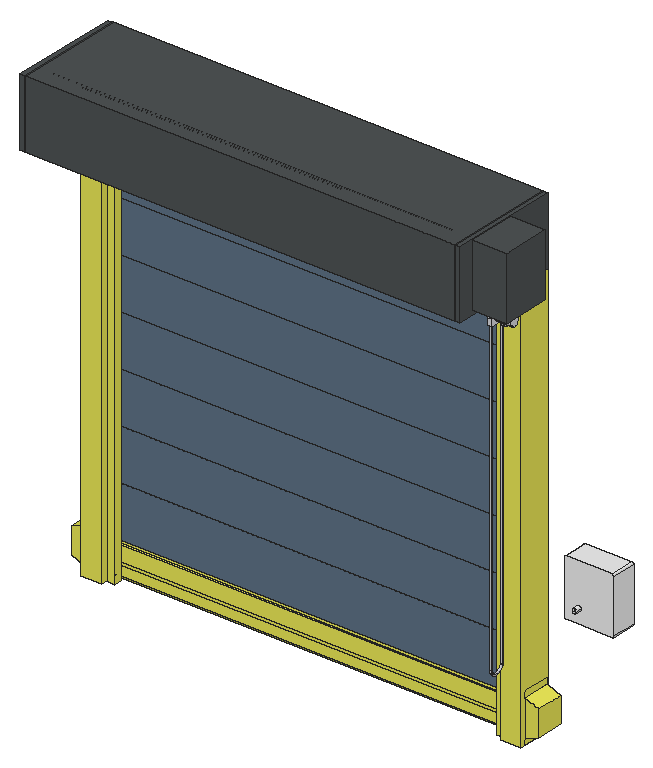
Revit family "Doors_Industrial_Wayne-Dalton_Interior-Freezer_Cooler-Doors-Model-887-ADV-Xtreme", category Specialty Equipment, host Wall, Revit 2026
Family settings
  Host = Wall
  Round Connector Dimension = Use Diameter
  Part Type = Normal
  Classification Number = 23.30.10.21.34
  Enable Cutting in Views = No
  Always vertical = Yes
  Cut with Voids When Loaded = No
  Maintain Annotation Orientation = No
  Shared = No
  Room Calculation Point = No
Parameters (values of type "230 volts, three phase, 60 Hz (208-245V range)")
  Voltage Option = if(Voltage = 230 V, 1, if(Voltage = 460 V, 2, 3))  # 1
  True Width [instance] = [Door Width (Real)]  # 10' - 0"
  True Height [instance] = [Door Height (Real)]  # 10' - 0"
  Slat Height = 1' - 4"  # constant formula
  Product Page URL = "https://www.wayne-dalton.com/high-speed-interior-fabric-door-887"
  Powder Coat (Note) = "Standard color for guides and bottom bar is yellow. Approximately 200 optional RAL powder coat colors are also available."  # constant formula
  Panel Material [instance] = Insulated Vinyl - Wayne Dalton - Blue
  Panel Length [instance] = [Door Width (Real)] + 0' 5"  # 10' - 5"
  Motor Cover [instance] = yes
  Hood Material = Metal - Wayne Dalton - Black
  Headroom Height [instance] = if(and([Door Height (Real)] > 8' 0", Air Curtain Option < 3), 3' 6", 3' 0")  # 3' - 6"
  External Transformer [instance] = if(Air Curtain Option = 2, 1 = 1, 1 = 2)  # no
  Door Width (Real) [instance] = if(Door Width > Max Door Width, Max Door Width, if(Door Width < Min Door Width, Min Door Width, Door Width))  # 10' - 0"
  Door Height (Real) [instance] = if(Door Height > Max Door Height, Max Door Height, if(Door Height < Min Door Height, Min Door Height, Door Height))  # 10' - 0"
  Rough Width [instance] = [Door Width (Real)]  # 10' - 0"
  Rough Height [instance] = [Door Height (Real)] - 0' 10 1/2"  # 9' - 1 1/2"
  Opening Width [instance] = Rough Width  # 10' - 0"
  Opening Height [instance] = Rough Height  # 9' - 1 1/2"
  Voltage = 230 V
  URL = "https://www.wayne-dalton.com/"
  Product data url = "https://www.bimobject.com/wayne-dalton/product/interior-freezer-cooler-doors-model-887-ADV-Xtreme"
  Product Guid = "093fc43b-de7a-4cc4-b14f-1d33e952d7d3"
  Power Factor = 1
  Number of Poles = 3
  Model = "887"  # constant formula
  Min Door Width [instance] = 4' - 0"  # constant formula
  Min Door Height [instance] = 4' - 0"  # constant formula
  Max Door Width [instance] = 12' - 0"  # constant formula
  Max Door Height [instance] = 18' - 0"  # constant formula
  Manufacturer = "Wayne Dalton"  # constant formula
  Frequency = 60 Hz  # constant formula
  Wall Closure = By host
  Floor To (CL) of Shaft [instance] = [Door Height (Real)] + Headroom Height - 0' 5 59/128"  # 13' - 0 69/128"
  Default Elevation = 0' - 0"
  Apparent Load Phase 3 [instance] = if(Number of Poles = 1, 0 VA, (Voltage * Current * sqrt(3)) / 3)  # 10623.2 VA
  Apparent Load Phase 2 [instance] = if(Number of Poles = 1, 0 VA, (Voltage * Current * sqrt(3)) / 3)  # 10623.2 VA
  Apparent Load Phase 1 [instance] = if(Number of Poles = 1, Voltage * Current, (Voltage * Current * sqrt(3)) / 3)  # 10623.2 VA
  Air Curtain Option [instance] = 1
  Additional Current W/O Air Curtain = if(Voltage = 460 V, 15 A, 20 A)  # 20 A
  Connector Description = "Rapidflex Large Control Panel"  # constant formula
  Finish Material = Finish - Wayne Dalton - Yellow
  Door Width [instance] = 10' - 0"
  Door Height [instance] = 10' - 0"
  Description = "Designed for thermal control and ideal for cold and food and beverage storage, Model 887 ADV-Xtreme features an insulated curtain with actively heated guides that ensures a uniform temperature and smooth door movement.‬‬ The innovative springless design requires minimal interruption for maintenance and the curtain comes pre-wrapped, ready for installation. Pre-wired motor, guide heater and air curtain connection and plug and play accessories help reduce the need for a licensed electrician."  # constant formula
  Current [instance] = if(and(Voltage Option = 1, Air Curtain Option < 3), [Additional Current W/O Air Curtain] + 60 A, if(and(Voltage Option = 2, or(Air Curtain Option = 1, Air Curtain Option < 1)), [Additional Current W/O Air Curtain] + 30 A, if(and(Voltage Option = 2, Air Curtain Option = 2), [Additional Current W/O Air Curtain] + 60 A, if(and(Voltage Option = 3, or(Air Curtain Option = 1, Air Curtain Option < 1)), [Additional Current W/O Air Curtain] + 15 A, if(and(Voltage Option = 3, Air Curtain Option = 2), [Additional Current W/O Air Curtain] + 60 A, [Additional Current W/O Air Curtain])))))  # 80 A
  Backroom Depth [instance] = 2' - 10 1/2"  # constant formula
  Array [instance] = roundup((Rough Height + Headroom Height - 1' 9 41/128" - 0' 11 1/2") / Slat Height)  # 8
  Air Curtain Type [instance] = if(or(Air Curtain Option < 1, Air Curtain Option = 1), "Ambient Air Curtain", if(Air Curtain Option = 2, "Heated Air Curtain", "No Air Curtain"))  # "Ambient Air Curtain"
Types (3): name | Voltage Option | Voltage | Apparent Load Phase 3 | Apparent Load Phase 2 | Apparent Load Phase 1 | Additional Current W/O Air Curtain | Current
  230 volts, three phase, 60 Hz (208-245V range) | 1 | 230 V | 10623.2 VA | 10623.2 VA | 10623.2 VA | 20 A | 80 A
  460 volts, three phase, 60 Hz (456-495V range) | 2 | 460 V | 11951.2 VA | 11951.2 VA | 11951.2 VA | 15 A | 45 A
  575 volts, three phase, 60 Hz | 3 | 575 V | 11619.2 VA | 11619.2 VA | 11619.2 VA | 20 A | 35 A
Reference planes (in)
  plane 1 "Center (Front/Back)": y = 0
  plane 2 "Center (Left/Right)": x = 0
  plane 3 "Left": x = -60
  plane 4 "Right": x = 60
  plane 5 "Top": z = 120
  plane 6 "Exterior": y = 1.5
  plane 7 "Interior": y = -4.5
  plane 8: x = 60
  plane 9: x = -60
  plane 10: z = 109.5
  plane 11: z = 151.5
  plane 12 "Main": y = -9.75
  plane 13: y = -39
  plane 14 "Main Door Block": y = -4.5
  plane 15: z = 47.47
  plane 16: z = 11.5
  plane 17: z = 11.5
  plane 18: x = 62.5
  plane 19: x = -62.5
  plane 20: z = 27.5
  plane 21: z = 27.5
  plane 22: z = 43.5
  plane 23: y = -8.75
  plane 24: y = -10.815
  plane 25: z = 43.5
  plane 26: z = 59.5
  plane 27: z = 75.5
  plane 28: z = 91.5
  plane 29: z = 107.5
  plane 30: z = 123.5
Forms (in)
  Extrusion 1, solid, material "Insulated Vinyl - Wayne Dalton - Blue" <- "Panel Material"
    sketch origin (-62.5, -12, 0) x (0, 0, 1) y (0, -1, 0)
      loop
        line (27.5, -3.25) -> (27.5, -1.185) -> (11.5, -1.185) -> (11.5, -3.25) -> (27.5, -3.25)
    from 0 to 125 <- "Panel Length"
  Extrusion 2, solid, material "Insulated Vinyl - Wayne Dalton - Blue" <- "Panel Material"
    sketch origin (-62.5, -12, 16) x (0, 0, 1) y (0, -1, 0)
      loop
        line (27.5, -3.25) -> (27.5, -1.185) -> (11.5, -1.185) -> (11.5, -3.25) -> (27.5, -3.25)
    from 0 to 125 <- "Panel Length"
  Extrusion 3, solid, material "Insulated Vinyl - Wayne Dalton - Blue" <- "Panel Material"
    sketch origin (-62.5, -12, 32) x (0, 0, 1) y (0, -1, 0)
      loop
        line (27.5, -3.25) -> (27.5, -1.185) -> (11.5, -1.185) -> (11.5, -3.25) -> (27.5, -3.25)
    from 0 to 125 <- "Panel Length"
  Extrusion 4, solid, material "Insulated Vinyl - Wayne Dalton - Blue" <- "Panel Material"
    sketch origin (-62.5, -12, 48) x (0, 0, 1) y (0, -1, 0)
      loop
        line (27.5, -3.25) -> (27.5, -1.185) -> (11.5, -1.185) -> (11.5, -3.25) -> (27.5, -3.25)
    from 0 to 125 <- "Panel Length"
  Extrusion 5, solid, material "Insulated Vinyl - Wayne Dalton - Blue" <- "Panel Material"
    sketch origin (-62.5, -12, 64) x (0, 0, 1) y (0, -1, 0)
      loop
        line (27.5, -3.25) -> (27.5, -1.185) -> (11.5, -1.185) -> (11.5, -3.25) -> (27.5, -3.25)
    from 0 to 125 <- "Panel Length"
  Extrusion 6, solid, material "Insulated Vinyl - Wayne Dalton - Blue" <- "Panel Material"
    sketch origin (-62.5, -12, 80) x (0, 0, 1) y (0, -1, 0)
      loop
        line (27.5, -3.25) -> (27.5, -1.185) -> (11.5, -1.185) -> (11.5, -3.25) -> (27.5, -3.25)
    from 0 to 125 <- "Panel Length"
  Extrusion 7, solid, material "Insulated Vinyl - Wayne Dalton - Blue" <- "Panel Material"
    sketch origin (-62.5, -12, 96) x (0, 0, 1) y (0, -1, 0)
      loop
        line (27.5, -3.25) -> (27.5, -1.185) -> (11.5, -1.185) -> (11.5, -3.25) -> (27.5, -3.25)
    from 0 to 125 <- "Panel Length"
  Extrusion 8, solid, material "Insulated Vinyl - Wayne Dalton - Blue" <- "Panel Material"
    sketch origin (-62.5, -12, 112) x (0, 0, 1) y (0, -1, 0)
      loop
        line (27.5, -3.25) -> (27.5, -1.185) -> (11.5, -1.185) -> (11.5, -3.25) -> (27.5, -3.25)
    from 0 to 125 <- "Panel Length"
Lines and regions (in)
  Opening 1
    outline origin (-90, -4.5, 0) x (1, 0, 0) y (0, 0, 1)
      loop
        line (30, 0) -> (150, 0) -> (150, 109.5) -> (30, 109.5) -> (30, 0)
Text (in)
  text "Exterior" at (-74.96733, 27.31104, 0), in view "Ref. Level"
  text "Interior" at (-74.96733, -25.14366, 0), in view "Ref. Level"
  text "Exterior" at (0, 40.15149, 123.01588), in view "Right"
  text "Interior" at (0, -64.39139, 123.01588), in view "Right"
  text "Interior" at (0, -31.01599, 123.00693), in view "Left"
  text "Exterior" at (0, 54.57065, 123.00693), in view "Left"
Dimensions and locks (in)
  equal spacing: plane 3 "Left", plane 2 "Center (Left/Right)", plane 4 "Right"
  "Door Height (Real)": level to plane 5 "Top"
  "Door Width (Real)": plane 3 "Left" to plane 4 "Right"
  host wall to plane 5 "Top" = 10' - 0"
  level to host wall = 38' - 3.59655"
  "Rough Height": level to plane 10
  equal spacing: plane 9, plane 2 "Center (Left/Right)", plane 8
  "Rough Width": plane 8 to plane 9
  "Headroom Height": plane 10 to plane 11
  "Backroom Depth": plane 7 "Interior" to plane 13
  plane 10 to level = 9' - 1 1/2"
  locked: plane 14 "Main Door Block" to plane 12 "Main" at 5.25
  plane 1 "Center (Front/Back)" to plane 7 "Interior" = 0' - 4 1/2"
  locked: Extrusion 1 sketch curve to Extrusion 1 sketch curve at 2.065
  locked: Extrusion 1 sketch curve to plane 17 at 16
  locked: plane 9 to plane 19 at 2.5
  locked: plane 18 to plane 8 at 2.5
  locked: Extrusion 2 sketch curve to Extrusion 2 sketch curve at 2.065
  locked: Extrusion 2 sketch curve to plane 20 at 16
  equal spacing: group 1, group 2, group 3, group 4, group 5, group 6, group 7, group 8  (x3)
  locked: plane 16 to nested 1 at 11.5
  "Slat Height": plane 21 to plane 16
  "Slat Height": plane 22 to plane 21
  locked: plane 16 to level at 11.5
  locked: plane 23 to plane 12 "Main" at 1
  locked: plane 23 to plane 24 at 2.065
  locked: plane 6 "Exterior" to plane 1 "Center (Front/Back)" at 1.5
  locked: Extrusion 3 sketch curve to Extrusion 3 sketch curve at 2.065
  locked: Extrusion 3 sketch curve to plane 25 at 16
  locked: Extrusion 4 sketch curve to Extrusion 4 sketch curve at 2.065
  locked: Extrusion 4 sketch curve to plane 26 at 16
  equal spacing: plane 8, plane 2 "Center (Left/Right)", plane 9
  nested 1 to plane 10 = 1' - 8 87/128"
  locked: Extrusion 5 sketch curve to Extrusion 5 sketch curve at 2.065
  locked: Extrusion 5 sketch curve to plane 27 at 16
  locked: Extrusion 6 sketch curve to Extrusion 6 sketch curve at 2.065
  locked: Extrusion 6 sketch curve to plane 28 at 16
  locked: Extrusion 7 sketch curve to Extrusion 7 sketch curve at 2.065
  locked: Extrusion 7 sketch curve to plane 29 at 16
  locked: Extrusion 8 sketch curve to Extrusion 8 sketch curve at 2.065
  locked: Extrusion 8 sketch curve to plane 30 at 16
  aligned and locked: Opening 1 sketch curve to level
  aligned and locked: plane 6 "Exterior" to host wall
  aligned and locked: host wall to plane 7 "Interior"
  aligned and locked: plane 9 to Opening 1 sketch curve
  aligned and locked: plane 8 to Opening 1 sketch curve
  aligned and locked: Opening 1 sketch curve to plane 10
  aligned and locked: nested 1 to plane 7 "Interior"
  aligned and locked: nested 1 to plane 2 "Center (Left/Right)"
  aligned and locked: level to nested 1
  aligned and locked: plane 14 "Main Door Block" to plane 7 "Interior"
  aligned and locked: Extrusion 1 to plane 16
  aligned and locked: Extrusion 2 to plane 21
  aligned and locked: plane 22 to Extrusion 2
  aligned and locked: plane 24 to Extrusion 2
  aligned and locked: plane 24 to Extrusion 1
  aligned and locked: Extrusion 1 to plane 19
  aligned and locked: Extrusion 2 to plane 19
Automatic sketch dimensions
  Extrusion 1 sketch curve to plane 17 = 0' - 0"
  Extrusion 2 sketch curve to plane 20 = 0' - 0"
  Extrusion 3 sketch curve to plane 25 = 0' - 0"
  Extrusion 4 sketch curve to plane 26 = 0' - 0"
  Extrusion 5 sketch curve to plane 27 = 0' - 0"
  Extrusion 6 sketch curve to plane 28 = 0' - 0"
  Extrusion 7 sketch curve to plane 29 = 0' - 0"
  Extrusion 8 sketch curve to plane 30 = 0' - 0"
Nested families (in)
  nested 1: "Lifts" at (0, -4.5, 0) x (-1, 0, 0) z (0, 0, 1), Motor Cover <- "Motor Cover", Air Curtain Option <- "Air Curtain Option", type "Frame Unit"
    with Spool Radius 1' - 2", Rod 2 no, Rod 1 no, Right Motor Position yes, No Air Curtain yes, Motor Cover Off no, Motor Cover yes, Masking Region Right Motor no, Masking Region Left Motor no, Left Motor Position no, Header Option 1, Floor To (CL) of Shaft 12' - 2.04", Electric Operator Position 14' - 8.16", Air Curtain Option 1
Connectors (in)
  electrical at (88.08, -12.04, 48), driven by "Number of Poles", driven by "Voltage", driven by "Apparent Load Phase 1", driven by "Power Factor", driven by "Connector Description", driven by "Apparent Load Phase 2", driven by "Apparent Load Phase 3"
    settings: on nested 1, index 1, voltage 230 V, apparent load 0 VA, apparent load phase1 10623.2 VA, apparent load phase2 10623.2 VA, apparent load phase3 10623.2 VA, power factor 1, load classification "Other", number of poles 3, system type 31, power factor state 1, is connector primary yes, connector utility no, sub classification motor no, connector description "Rapidflex Large Control Panel"
Definition of nested family "Lifts"
  Parameters (values of type "Frame Unit")
    Spool Radius [instance] = if(or(Header Option < 1, Header Option = 1), 1' 2", 1' 5.7")  # 1' - 5.7"
    Shaft Material = none
    Rod 2 [instance] = if(and(not(Motor Cover), Right Motor Position), 1 = 1, 1 = 2)  # no
    Rod 1 [instance] = if(and(not(Motor Cover), Left Motor Position), 1 = 1, 1 = 2)  # no
    Right Motor Position [instance] = yes
    Opening Width = 10' - 0"
    No Air Curtain [instance] = if(Air Curtain Option > 2, 1 = 2, 1 = 1)  # yes
    Naked Header = not(Hood Option)  # no
    Motor Cover Off [instance] = not(Motor Cover)  # no
    Motor Cover [instance] = yes
    Masking Region Right Motor [instance] = if(and(Right Motor Position, Motor Cover Off), 1 = 1, 1 = 2)  # no
    Masking Region Left Motor [instance] = if(and(Left Motor Position, Motor Cover Off), 1 = 1, 1 = 2)  # no
    Left Motor Position [instance] = yes
    Hood Option = yes
    Hood Material = none
    Headroom Height = 3' - 6"
    Header Width = 2' - 10 1/2"
    Header Option [instance] = 2
    Header Height = 1' - 9 41/128"
    Guid Width = 0' - 9"
    External Transformer = no
    Electric Operator Position [instance] = if(Right Motor Position, (2' 4.08" * 2 + Opening Width), 0' 0")  # 14' - 8.16"
    Clearance = yes
    Opening Height = 9' - 1 1/2"
    Floor To (CL) of Shaft [instance] = Opening Height + Headroom Height - 0' 5.46"  # 12' - 2.04"
    Finish Material = none
    Analytic Construction = "<None>"
    Air Curtain Option [instance] = 1
  Reference planes (in)
    plane 1 "Center (Front/Back)": y = 0
    plane 2: z = 0
    plane 3 "Center (Left/Right)": x = 0
    plane 4 "Left": x = -60
    plane 5 "Right": x = 60
    plane 6 "Center Line of Shaft": z = 146.04
    plane 7 "Headroom Top": z = 151.5
    plane 8 "Opening Height": z = 109.5
    plane 9: x = -78
    plane 10 "Shaft": x = -75.54413
    plane 11 "Box": x = -88.08
    plane 12 "EBOX": z = 48
    plane 13: z = 39.09375
    plane 14: z = 56.90625
    plane 15: z = 43.5
    plane 16: y = 14.53
    plane 17: y = 7.54
    plane 18: z = 130.17969
    plane 19: y = 34.5
    plane 20: x = 78
    plane 21: x = 69
    plane 22: x = -69
    plane 23: x = -80.33
    plane 24: x = -95.83
    plane 25 "Center L/NN": x = 88.08
    plane 26: y = 5.2825
    plane 27: x = 62.5
    plane 28: x = -62.5
    plane 29: y = 0.437
    plane 30: y = 9.6225
    plane 31: y = 8.6825
    plane 32: y = 10.5625
    plane 33: y = 10.5625
    plane 34: y = 9.067
    plane 35: x = 58.5
    plane 36: x = -58.5
    plane 37: x = 70.5
    plane 38: x = -78
    plane 39: y = -21.1994
    plane 40: y = -20.6994
  Forms (in)
    Extrusion 1, solid, material <- "Shaft Material"
      sketch origin (0, 0, 0) x (0, 1, 0) y (0, 0, 1)
        loop
          circle (20.3, 146.04) r 0.78
      from -78 to 70.5
    Extrusion 2, solid, material <- "Hood Material"
      sketch origin (60, 0, 0) x (0, -1, 0) y (0, 0, 1)
        loop
          circle (-20.3, 146.04) r 2.5
      from -6.97 to -8.254
    Extrusion 3, solid
      sketch origin (-1.95651, 0, 0) x (1, 0, 0) y (0, 0, 1)
        loop
          line (-78.87349, 56.90625) -> (-93.37349, 56.90625)
          arc (-93.37349, 56.90625) -> (-93.72704, 56.7598) -> (-93.87349, 56.40625) r 0.5
          line (-93.87349, 56.40625) -> (-93.87349, 39.59375)
          arc (-93.87349, 39.59375) -> (-93.72704, 39.2402) -> (-93.37349, 39.09375) r 0.5
          line (-93.37349, 39.09375) -> (-78.87349, 39.09375)
          arc (-78.87349, 39.09375) -> (-78.51993, 39.2402) -> (-78.37349, 39.59375) r 0.5
          line (-78.37349, 39.59375) -> (-78.37349, 56.40625)
          arc (-78.37349, 56.40625) -> (-78.51993, 56.7598) -> (-78.87349, 56.90625) r 0.5
      from -7.54 to 0
    Revolve 4, solid, visible <- "Right Motor Position"
      sketch origin (-55.03203, -180, 43.5) x (-1, 0, 0) y (0, -1, 0)
        loop
          line (29.68797, -187.54) -> (28.93797, -187.54) -> (29.08797, -189.312) -> (29.68797, -189.312) -> (29.68797, -187.54)
        axis (29.68797, -187.54) -> (29.68797, -189.312)
      angle from 0 to 360
    Extrusion 5, solid, material <- "Finish Material"
      sketch origin (0, 0, 0) x (1, 0, 0) y (0, 1, 0)
        loop
          line (-69, 0) -> (-62.5, 0) -> (-62.5, 1.75) -> (-60, 1.75) -> (-60, 4.25) -> (-63.25, 4.25) -> (-63.25, 6.3125) -> (-60, 6.3125) -> (-60, 8.8125) -> (-62.5, 8.8125) -> (-62.5, 10.5625) -> (-69, 10.5625) -> (-69, 0)
        loop
          line (69, 0) -> (69, 10.5625) -> (62.5, 10.5625) -> (62.5, 8.8125) -> (60, 8.8125) -> (60, 6.3125) -> (63.25, 6.3125) -> (63.25, 4.25) -> (60, 4.25) -> (60, 1.75) -> (62.5, 1.75) -> (62.5, 0) -> (69, 0)
      from 0 to 130.17969
    Extrusion 6, solid, material <- "Hood Material", visible <- "Hood Option"
      sketch origin (0, 0, 0) x (0, 1, 0) y (0, 0, 1)
        loop
          line (0, 130.17969) -> (34.5, 130.17969) -> (34.5, 151.5) -> (0, 151.5) -> (0, 130.17969)
      from -67.475 to 67.475
    Extrusion 7, solid, material <- "Hood Material"
      sketch origin (0, 0, 0) x (1, 0, 0) y (0, 1, 0)
        loop
          line (69, 0) -> (69, 34.5) -> (67.475, 34.5) -> (67.475, 0) -> (69, 0)
        loop
          line (-69, 0) -> (-67.475, 0) -> (-67.475, 34.5) -> (-69, 34.5) -> (-69, 0)
      from 130.17969 to 151.5
    Extrusion 8, solid, material <- "Hood Material"
      sketch origin (-60, -60, 48) x (0, -1, 0) y (0, 0, 1)
        loop
          circle (-80.3, 98.04) r 2.5
      from 6.97 to 8.254
    Extrusion 9, solid, visible <- "External Transformer"
      sketch origin (0, 0, 48) x (1, 0, 0) y (0, 1, 0)
        loop
          line (-93.08, 0) -> (-83.08, 0) -> (-83.08, 0.125) -> (-84.58, 0.125) -> (-84.58, 7) -> (-91.58, 7) -> (-91.58, 0.125) -> (-93.08, 0.125) -> (-93.08, 0)
      from -22 to -10
    Extrusion 10, solid, material <- "Shaft Material"
      sketch origin (0, 0, 0) x (0, 1, 0) y (0, 0, 1)
        loop
          circle (7.77, 136.22) r 0.78
      from -70.5 to 70.5
    Extrusion 11, solid, material <- "Finish Material"
      sketch origin (0, 0, 0) x (0, 1, 0) y (0, 0, 1)
        loop
          arc (5.28066, 0.24186) -> (5.87463, 0.48789) -> (6.12066, 1.08186) r 0.84
          line (6.12066, 1.08186) -> (6.12066, 4.45647) -> (6.3125, 4.45647) -> (6.3125, 5.24849) -> (6.1825, 5.24849) -> (6.1825, 9.94196) -> (5.70511, 10.15451) -> (5.70511, 11.5) -> (4.95511, 11.5) -> (4.95511, 10.11927) -> (4.45511, 10.11927) -> (4.37974, 9.75525) -> (4.37974, 5.24849) -> (4.25, 5.24849) -> (4.25, 4.45647) -> (4.44434, 4.45647) -> (4.44434, 1.08186)
          arc (4.44434, 1.08186) -> (4.69037, 0.48789) -> (5.28434, 0.24186) r 0.84
      from -62.5 to 62.5
    Extrusion 12, solid, material <- "Finish Material"
      sketch origin (0, 0, 0) x (1, 0, 0) y (0, 0, 1)
        loop
          line (69, 15.5) -> (69, 0.24186) -> (69.12104, 0.24186) -> (69.12104, 2.04186) -> (73.24004, 3.80897) -> (73.24004, 11.933) -> (69.12104, 13.7) -> (69.12104, 15.5) -> (69, 15.5)
        loop
          line (-69, 15.5) -> (-69.12104, 15.5) -> (-69.12104, 13.7) -> (-73.24004, 11.933) -> (-73.24004, 3.80897) -> (-69.12104, 2.04186) -> (-69.12104, 0.24186) -> (-69, 0.24186) -> (-69, 15.5)
      from -9.067 to -0.437
    Extrusion 13, solid, material <- "Hood Material", visible <- "No Air Curtain"
      sketch origin (0, 0, 0) x (0, 1, 0) y (0, 0, 1)
        loop
          line (15.095, 121.13969) -> (21.144, 121.13969) -> (23.595, 125.66419) -> (21.144, 130.17969) -> (15.095, 130.17969) -> (15.095, 121.13969)
      from -58.5 to 58.5
    Extrusion 14, solid, material <- "Hood Material"
      sketch origin (60, -12, 0) x (0, -1, 0) y (0, 0, 1)
        loop
          circle (-19.77, 136.22) r 2.5
      from -6.97 to -8.254
    Extrusion 15, solid, material <- "Hood Material"
      sketch origin (-60, -72.25, 48) x (0, -1, 0) y (0, 0, 1)
        loop
          circle (-80.02, 88.22) r 2.5
      from 6.97 to 8.254
    Extrusion 16, void
      sketch origin (-94.955, 0.125, 48) x (1, 0, 0) y (0, 0, -1)
        loop
          line (11.875, 11) -> (10.375, 11) -> (10.375, 10) -> (14.02973, 10) -> (14.02973, 22) -> (10.375, 22) -> (10.375, 15.5) -> (11.875, 15.5) -> (11.875, 11)
        loop
          line (1.875, 15.5) -> (3.375, 15.5) -> (3.375, 22) -> (0.02973, 22) -> (0.02973, 10) -> (3.375, 10) -> (3.375, 11) -> (1.875, 11) -> (1.875, 15.5)
      from -0.125 to 6.875
  Cuts and joins
    Extrusion 16 cuts Extrusion 9
  Lines and regions (in)
    Masking region 1
      outline origin (0, 0, 0) x (1, 0, 0) y (0, 1, 0)
        loop
          line (-95.83, 0) -> (-80.33, 0) -> (-80.33, 7.54) -> (-95.83, 7.54) -> (-95.83, 0)
    Masking region 2, visible <- "Right Motor Position"
      outline origin (0, 0, 0) x (1, 0, 0) y (0, 1, 0)
        loop
          line (-83.97, 7.54) -> (-84.12, 9.312) -> (-85.32, 9.312) -> (-85.47, 7.54) -> (-83.97, 7.54)
    Masking region 3, visible <- "Hood Option"
      outline origin (0, 0, 0) x (1, 0, 0) y (0, 1, 0)
        loop
          line (69, 34.5) -> (-69, 34.5) -> (-69, 0) -> (69, 0) -> (69, 34.5)
    Masking region 4, visible <- "Naked Header"
      outline origin (0, 0, 0) x (1, 0, 0) y (0, 1, 0)
        loop
          line (-59.1721, 4.9297) -> (-59, 4.80919) -> (-59, 3.43021) -> (-59.1721, 3.3097) -> (59.1721, 3.3097) -> (59, 3.43021) -> (59, 4.80919) -> (59.1721, 4.9297) -> (-59.1721, 4.9297)
    Masking region 5, visible <- "Right Motor Position"
      outline origin (0, 0, 0) x (1, 0, 0) y (0, 1, 0)
        loop
          line (69, 21.08) -> (69, 19.52) -> (70.5, 19.52) -> (70.5, 21.08) -> (69, 21.08)
    Masking region 6
      outline origin (0, 0, 0) x (1, 0, 0) y (0, 1, 0)
        loop
          line (70.5, 8.55) -> (69, 8.55) -> (69, 6.98114) -> (70.5, 6.98114) -> (70.5, 8.55)
    Masking region 7, built-in parameter 1006206 <- "Left Motor Position"
      outline origin (0, 0, 0) x (1, 0, 0) y (0, 1, 0)
        loop
          line (-70.5, 8.55) -> (-70.5, 6.99454) -> (-69, 6.99454) -> (-69, 8.55) -> (-70.5, 8.55)
    Masking region 8, visible <- "Rod 2"
      outline origin (0, 0, 0) x (0, 1, 0) y (-1, 0, 0)
        loop
          line (21.08, 78) -> (19.52, 78) -> (19.52, 77.23047) -> (20.39891, 77.23047) -> (20.39891, 76.69922) -> (21.08, 76.69922) -> (21.08, 78)
        loop
          line (21.08, 69) -> (21.08, 70.92348) -> (20.90422, 70.92348) -> (20.90422, 72.158) -> (21.08, 72.158) -> (21.08, 72.758) -> (20.39, 72.758) -> (20.39, 72.218) -> (19.52, 72.218) -> (19.52, 69) -> (21.08, 69)
    Masking region 9
      outline origin (0, 0, 0) x (1, 0, 0) y (0, 1, 0)
        loop
          line (69, 9.067) -> (69, 8.55) -> (70.5, 8.55) -> (70.5, 6.98114) -> (69, 6.98114) -> (69, 0.437) -> (73.24004, 0.437) -> (73.24004, 9.067) -> (69, 9.067)
    Masking region 10
      outline origin (0, 0, 0) x (1, 0, 0) y (0, 1, 0)
        loop
          line (-69, 9.067) -> (-73.24004, 9.067) -> (-73.24004, 0.437) -> (-69, 0.437) -> (-69, 6.99454) -> (-70.5, 6.99454) -> (-70.5, 8.55) -> (-69, 8.55) -> (-69, 9.067)
    symbolic lines
      curve 1: line (-67.475, 34.5, 0) -> (-67.475, 0, 0)
      curve 2: line (67.475, 0, 0) -> (67.475, 34.5, 0)
  Dimensions and locks (in)
    equal spacing: plane 4 "Left", plane 3 "Center (Left/Right)", plane 5 "Right"
    "Opening Width": plane 4 "Left" to plane 5 "Right"
    "Opening Height": plane 8 "Opening Height" to level
    locked: level to plane 12 "EBOX" at 48
    locked: plane 11 "Box" to Revolve 4 sketch curve at 3.36
    equal spacing: plane 14, plane 12 "EBOX", plane 13
    locked: plane 12 "EBOX" to plane 15 at 4.5
    locked: plane 13 to plane 14 at 17.8125
    locked: plane 10 "Shaft" to plane 4 "Left" at 15.54413
    locked: plane 17 to plane 1 "Center (Front/Back)" at 7.54
    locked: Revolve 4 sketch curve to Revolve 4 sketch curve at 0.6
    locked: Revolve 4 sketch curve to Revolve 4 sketch curve at 0.75
    locked: plane 17 to Revolve 4 sketch curve at 1.772
    "Guid Width": Extrusion 5 sketch curve to plane 4 "Left"
    locked: plane 1 "Center (Front/Back)" to Extrusion 5 sketch curve at 10.5625  (x2)
    "Header Width": plane 1 "Center (Front/Back)" to Extrusion 6 sketch curve
    locked: Extrusion 6 to plane 4 "Left" at 7.475
    locked: plane 5 "Right" to Extrusion 6 at 7.475
    "Header Width": plane 1 "Center (Front/Back)" to Extrusion 7 sketch curve  (x2)
    "Header Width": plane 1 "Center (Front/Back)" to plane 19
    "Floor To (CL) of Shaft": plane 6 "Center Line of Shaft" to level
    plane 1 "Center (Front/Back)" to plane 16 = 1' - 2.53"
    locked: plane 22 to nested 1 at 5.729
    "Guid Width": plane 4 "Left" to plane 22
    "Guid Width": plane 5 "Right" to plane 21
    locked: plane 22 to Extrusion 7 sketch curve at 1.525
    locked: Extrusion 2 to plane 21 at 0.746
    locked: plane 22 to Extrusion 8 at 0.746
    locked: plane 11 "Box" to plane 24 at 7.75
    locked: plane 23 to plane 11 "Box" at 7.75
    locked: Masking region 5 sketch curve to Masking region 5 sketch curve at 1.56
    locked: plane 1 "Center (Front/Back)" to Extrusion 9 sketch curve at 0.125
    plane 11 "Box" to Extrusion 9 sketch curve = 0' - 3 1/2"
    Extrusion 9 sketch curve to plane 11 "Box" = 0' - 3 1/2"
    plane 1 "Center (Front/Back)" to Extrusion 9 sketch curve = 0' - 7"
    equal spacing: Masking region 1 sketch curve, plane 11 "Box", Masking region 1 sketch curve
    locked: Masking region 1 sketch curve to Masking region 1 sketch curve at 15.5
    Extrusion 1 sketch curve to plane 19 = 1' - 2.2"
    locked: Extrusion 2 sketch curve to plane 19 at 14.2
    locked: Extrusion 8 sketch curve to plane 19 at 14.2
    locked: plane 7 "Headroom Top" to Extrusion 10 sketch curve at 15.28
    Extrusion 10 sketch curve to plane 19 = 2' - 2.73"
    locked: Extrusion 5 sketch curve to plane 4 "Left" at 2.5
    locked: plane 5 "Right" to Extrusion 5 sketch curve at 2.5
    "Guid Width": plane 5 "Right" to Extrusion 5 sketch curve
    Extrusion 5 to plane 20 = 1' - 6"
    plane 9 to Extrusion 5 = 1' - 6"
    "Electric Operator Position": plane 25 "Center L/NN" to plane 11 "Box"
    locked: plane 5 "Right" to plane 25 "Center L/NN" at 28.08
    "Headroom Height": plane 7 "Headroom Top" to plane 8 "Opening Height"
    plane 7 "Headroom Top" to plane 6 "Center Line of Shaft" = 0' - 5.46"
    "Header Height": plane 7 "Headroom Top" to plane 18
    locked: plane 4 "Left" to plane 28 at 2.5
    locked: plane 5 "Right" to plane 27 at 2.5
    locked: Extrusion 12 sketch curve to Extrusion 12 sketch curve at 1.8  (x3)
    locked: Extrusion 12 sketch curve to level at 0.24186
    locked: Extrusion 12 sketch curve to plane 21 at 0.12104
    locked: Extrusion 12 sketch curve to Extrusion 12 sketch curve at 15.25814  (x2)
    locked: Extrusion 12 sketch curve to plane 21 at 4.24004
    locked: Extrusion 12 sketch curve to plane 2 at 0.24186
    locked: plane 22 to Extrusion 12 sketch curve at 4.24004
    locked: plane 29 to plane 1 "Center (Front/Back)" at 0.437
    locked: plane 34 to plane 29 at 8.63
    locked: plane 18 to Extrusion 13 sketch curve at 9.04
    locked: plane 1 "Center (Front/Back)" to Extrusion 13 sketch curve at 15.095
    locked: Extrusion 13 sketch curve to Extrusion 13 sketch curve at 4.5245
    locked: Extrusion 13 sketch curve to Extrusion 13 sketch curve at 6.049
    locked: Extrusion 13 sketch curve to Extrusion 13 sketch curve at 8.5
    locked: plane 35 to plane 5 "Right" at 1.5
    locked: plane 4 "Left" to plane 36 at 1.5
    locked: Extrusion 10 to plane 22 at 1.5
    locked: plane 21 to Extrusion 10 at 1.5
    locked: Masking region 8 sketch curve to plane 22 at 1.92348
    locked: Masking region 8 sketch curve to Masking region 8 sketch curve at 1.23452
    locked: Masking region 8 sketch curve to Masking region 8 sketch curve at 0.6
    locked: Extrusion 1 to Masking region 8 sketch curve at 1.30078
    locked: Masking region 8 sketch curve to Masking region 8 sketch curve at 0.68109
    locked: plane 19 to Extrusion 14 sketch curve at 26.73
    locked: plane 7 "Headroom Top" to Extrusion 14 sketch curve at 15.28
    locked: plane 7 "Headroom Top" to Extrusion 15 sketch curve at 15.28
    locked: plane 19 to Extrusion 15 sketch curve at 26.73
    locked: Masking region 8 sketch curve to Masking region 8 sketch curve at 0.87
    locked: plane 38 to plane 4 "Left" at 18
    locked: Masking region 8 sketch curve to Masking region 8 sketch curve at 3.218
    locked: plane 38 to Masking region 8 sketch curve at 0.76953
    locked: plane 21 to Masking region 9 sketch curve at 4.24004
    locked: plane 21 to Masking region 9 sketch curve at 1.5
    locked: Masking region 9 sketch curve to plane 34 at 0.517
    locked: Masking region 9 sketch curve to Masking region 9 sketch curve at 1.56886
    locked: Masking region 10 sketch curve to plane 22 at 4.24004
    locked: Masking region 10 sketch curve to plane 22 at 1.5
    locked: Masking region 10 sketch curve to plane 34 at 0.517
    locked: Masking region 10 sketch curve to Masking region 10 sketch curve at 1.55546
    locked: Extrusion 11 sketch curve to level at 11.5
    locked: Extrusion 11 sketch curve to plane 26 at 0.32739
    locked: Extrusion 11 sketch curve to Extrusion 11 sketch curve at 0.75
    locked: Extrusion 11 sketch curve to level at 4.45647
    locked: Extrusion 11 sketch curve to Extrusion 11 sketch curve at 0.79203
    locked: Extrusion 11 sketch curve to Extrusion 11 sketch curve at 1.67631
    locked: plane 37 to plane 21 at 1.5
    locked: Extrusion 9 sketch curve to plane 11 "Box" at 5
    locked: plane 11 "Box" to Extrusion 9 sketch curve at 5
    Extrusion 16 sketch curve to Extrusion 9 = 0' - 6 1/2"
    locked: Extrusion 7 sketch curve to plane 21 at 1.525
    locked: Extrusion 1 sketch curve to Extrusion 1 sketch curve (radius 0' - 0.78")
    radius of Extrusion 10 sketch curve = 0' - 0.78"
    locked: Revolve 4 to Masking region 2 sketch curve (angle 85.1614°)
    locked: Masking region 2 sketch curve to Revolve 4 (angle 85.1614°)
    locked: Extrusion 12 sketch curve to Extrusion 12 sketch curve (angle 113.219°)  (x2)
    locked: Extrusion 12 sketch curve to Extrusion 12 sketch curve (angle 113.22°)  (x2)
    aligned and locked: plane 2 to level
    aligned and locked: plane 6 "Center Line of Shaft" to Extrusion 1 sketch curve
    aligned and locked: Extrusion 3 to plane 1 "Center (Front/Back)"
    aligned and locked: Extrusion 3 sketch curve to plane 13
    aligned and locked: plane 14 to Extrusion 3 sketch curve
    aligned and locked: Revolve 4 sketch curve to Revolve 4 sketch curve
    aligned and locked: Revolve 4 sketch curve to plane 17
    aligned and locked: plane 1 "Center (Front/Back)" to Extrusion 6 sketch curve
    aligned and locked: Extrusion 6 sketch curve to plane 7 "Headroom Top"
    aligned and locked: Extrusion 6 to plane 18
    aligned and locked: plane 18 to Extrusion 6 sketch curve
    aligned and locked: plane 18 to Extrusion 5
    aligned and locked: Extrusion 7 sketch curve to plane 1 "Center (Front/Back)"  (x2)
    aligned and locked: plane 7 "Headroom Top" to Extrusion 7
    aligned and locked: Extrusion 7 to plane 18
    aligned and locked: Extrusion 3 to Masking region 1 sketch curve
    aligned and locked: Masking region 1 sketch curve to Extrusion 3
    aligned and locked: Masking region 2 sketch curve to Revolve 4  (x2)
    aligned and locked: curve 1 to Extrusion 6  (x2)
    aligned and locked: curve 2 to Extrusion 6
    aligned and locked: Masking region 3 sketch curve to Extrusion 6
    aligned and locked: Extrusion 6 to curve 2
    aligned and locked: Extrusion 7 sketch curve to plane 22
    aligned and locked: Extrusion 7 sketch curve to plane 21
    aligned and locked: Masking region 3 sketch curve to plane 22
    aligned and locked: plane 21 to Masking region 3 sketch curve
    aligned and locked: Masking region 3 sketch curve to plane 19
    aligned and locked: plane 23 to Extrusion 3 sketch curve
    aligned and locked: plane 24 to Extrusion 3 sketch curve
    aligned and locked: Masking region 5 sketch curve to Extrusion 1
    aligned and locked: Extrusion 9 sketch curve to plane 1 "Center (Front/Back)"
    aligned and locked: Extrusion 9 sketch curve to Extrusion 9 sketch curve
    aligned and locked: plane 7 "Headroom Top" to nested 1
    aligned and locked: Extrusion 5 sketch curve to plane 1 "Center (Front/Back)"  (x2)
    aligned and locked: plane 21 to Extrusion 5 sketch curve
    aligned and locked: plane 5 "Right" to Extrusion 5 sketch curve  (x2)
    aligned and locked: plane 4 "Left" to Extrusion 5 sketch curve  (x2)
    aligned and locked: Extrusion 5 sketch curve to Extrusion 5 sketch curve  (x2)
    aligned and locked: Extrusion 11 to plane 28
    aligned and locked: plane 27 to Extrusion 11
    aligned and locked: plane 21 to Extrusion 12 sketch curve
    aligned and locked: Extrusion 12 sketch curve to Extrusion 12 sketch curve
    aligned and locked: Extrusion 12 sketch curve to plane 22
    aligned and locked: plane 29 to Extrusion 12
    aligned and locked: Extrusion 12 to plane 34
    aligned and locked: Extrusion 13 to plane 35
    aligned and locked: plane 36 to Extrusion 13
    aligned and locked: Masking region 7 sketch curve to Extrusion 10
    aligned and locked: Masking region 7 sketch curve to plane 22
    aligned and locked: Masking region 5 sketch curve to plane 21
    aligned and locked: plane 22 to Masking region 8 sketch curve
    aligned and locked: Masking region 6 sketch curve to plane 21
    aligned and locked: Extrusion 1 to plane 37
    aligned and locked: plane 38 to Extrusion 1
    aligned and locked: Masking region 5 sketch curve to plane 37
    aligned and locked: Masking region 8 sketch curve to plane 38
    aligned and locked: plane 34 to Masking region 9 sketch curve
    aligned and locked: Masking region 9 sketch curve to plane 29
    aligned and locked: Masking region 9 sketch curve to plane 21  (x2)
    aligned and locked: Masking region 10 sketch curve to plane 34
    aligned and locked: Masking region 10 sketch curve to plane 22  (x2)
    aligned and locked: plane 29 to Masking region 10 sketch curve
    aligned and locked: Extrusion 11 sketch curve to Extrusion 11 sketch curve  (x2)
    aligned and locked: Extrusion 16 sketch curve to Extrusion 16 sketch curve
  Automatic sketch dimensions
    plane 19 to curve 2 = 0' - 0"
    plane 19 to curve 1 = 0' - 0"
    Extrusion 2 sketch curve to plane 6 "Center Line of Shaft" = 0' - 0"
    Extrusion 3 sketch curve to Extrusion 3 sketch curve = 0' - 0 1/2"
    Extrusion 3 sketch curve to plane 14 = 0' - 0 1/2"
    Extrusion 3 sketch curve to plane 23 = 0' - 0 1/2"  (x2)
    Revolve 4 sketch curve to plane 16 = 0' - 2.35505"
    Revolve 4 sketch curve to plane 29 = 0' - 2.63336"
    Extrusion 5 sketch curve to plane 28 = 0' - 0 3/4"
    plane 27 to Extrusion 5 sketch curve = 0' - 0 3/4"
    Extrusion 5 sketch curve to plane 29 = 0' - 1.313"  (x2)
    Extrusion 5 sketch curve to Extrusion 5 sketch curve = 0' - 2 1/2"  (x2)
    Extrusion 5 sketch curve to Extrusion 5 sketch curve = 0' - 2 1/16"  (x2)
    Extrusion 5 sketch curve to plane 31 = 0' - 0.13"  (x2)
    plane 11 "Box" to Masking region 2 sketch curve = 0' - 2.61"
    Masking region 2 sketch curve to Masking region 2 sketch curve = 0' - 1.2"
    Masking region 4 sketch curve to plane 36 = 0' - 0.6721"  (x2)
    Masking region 4 sketch curve to Masking region 4 sketch curve = 0' - 0.1721"  (x3)
    plane 35 to Masking region 4 sketch curve = 0' - 0 1/2"
    Masking region 4 sketch curve to plane 29 = 0' - 2.8727"
    Masking region 4 sketch curve to Masking region 4 sketch curve = 0' - 0.12051"  (x3)
    Masking region 4 sketch curve to Masking region 4 sketch curve = 0' - 1.37898"  (x2)
    Extrusion 8 sketch curve to plane 6 "Center Line of Shaft" = 0' - 0"
    Extrusion 12 sketch curve to plane 22 = 0' - 0.12104"  (x2)
    Extrusion 12 sketch curve to Extrusion 12 sketch curve = 0' - 3.567"
    Extrusion 13 sketch curve to plane 18 = 0' - 0"
    Extrusion 13 sketch curve to Extrusion 13 sketch curve = 0' - 2.451"
    Masking region 6 sketch curve to Masking region 6 sketch curve = 0' - 1 1/2"
    plane 31 to Masking region 6 sketch curve = 0' - 1.70136"
    plane 31 to Masking region 6 sketch curve = 0' - 0.1325"
    plane 31 to Masking region 7 sketch curve = 0' - 1.68796"
    plane 31 to Masking region 7 sketch curve = 0' - 0.1325"
    Masking region 8 sketch curve to Masking region 8 sketch curve = 0' - 0 45/256"  (x2)
    Extrusion 11 sketch curve to plane 26 = 0' - 1.0325"
    Extrusion 11 sketch curve to plane 26 = 0' - 0.90276"
    Extrusion 11 sketch curve to Extrusion 11 sketch curve = 0' - 0.07537"
    plane 26 to Extrusion 11 sketch curve = 0' - 0.00184"
    Extrusion 11 sketch curve to Extrusion 11 sketch curve = 0' - 0.47739"
    Extrusion 11 sketch curve to Extrusion 11 sketch curve = 0' - 0.13"
    level to Extrusion 11 sketch curve = 0' - 1.08186"
    Extrusion 11 sketch curve to Extrusion 11 sketch curve = 0' - 0.18671"
    Extrusion 11 sketch curve to Extrusion 11 sketch curve = 0' - 0.36401"
    Extrusion 11 sketch curve to Extrusion 11 sketch curve = 0' - 0.21255"
    Extrusion 11 sketch curve to Extrusion 11 sketch curve = 0' - 1.34549"
    Extrusion 11 sketch curve to plane 26 = 0' - 0.00184"
    Extrusion 11 sketch curve to Extrusion 11 sketch curve = 0' - 0"
    Extrusion 11 sketch curve to Extrusion 11 sketch curve = 0' - 0.19184"
    Masking region 8 sketch curve to plane 16 = 0' - 4.99"  (x2)
    Masking region 8 sketch curve to Masking region 8 sketch curve = 0' - 0 225/256"
    Masking region 8 sketch curve to Masking region 8 sketch curve = 0' - 0.51422"
    Extrusion 16 sketch curve to Extrusion 9 = 0' - 0"  (x5)
    Extrusion 9 to Extrusion 16 sketch curve = 0' - 0"  (x2)
    Extrusion 9 to Extrusion 16 sketch curve = 0' - 1.84527"
    Extrusion 9 to Extrusion 16 sketch curve = 0' - 1"
    Extrusion 16 sketch curve to Extrusion 9 = 0' - 7"
    Extrusion 16 sketch curve to Extrusion 16 sketch curve = 0' - 1 1/2"  (x2)
    Extrusion 16 sketch curve to Extrusion 16 sketch curve = 0' - 2.15473"
    Extrusion 16 sketch curve to Extrusion 16 sketch curve = 0' - 1"
    radius of Extrusion 2 sketch curve = 0' - 2 1/2"
    radius of Extrusion 8 sketch curve = 0' - 2 1/2"
    radius of Extrusion 14 sketch curve = 0' - 2 1/2"
    radius of Extrusion 15 sketch curve = 0' - 2 1/2"
  Nested families (in)
    nested 1: "General Motor" at (-74.729, 15.5, 145.699), visible <- "Right Motor Position", Motor Cover <- "Motor Cover", type "Family2"
      with Motor Cover Off no, Motor Cover yes
  Definition of nested family "General Motor"
    Parameters (values of type "Family2")
      Shaft Material = none
      Opening Height = 9' - 1 1/2"
      Motor Cover Off [instance] = not(Motor Cover)  # no
      Motor Cover [instance] = yes
      Hood Material = none
      Floor To Cl Shaft = 12' - 2.04"
      Finish Material = none
      Default Elevation = 4' - 0"
      Chain Length = CL of Shaft - 4' 0" - 1' 7.31"  # 6' - 6.73"
      CL of Shaft = 12' - 2.04"
      Amount of Panels = 5
    Reference planes (in)
      plane 1 "Center (Front/Back)": y = 0
      plane 2: z = 0
      plane 3 "Center (Left/Right)": x = 0
      plane 4: z = 5.335
      plane 5: z = -18.546
      plane 6: z = -17.165
      plane 7: z = -19.311
      plane 8: z = -116.04
      plane 9: x = 5.729
      plane 10: z = -5.699
      plane 11: x = -5.27
      plane 12: z = -146.04
    Forms (in)
      Revolve 1, solid, material <- "Shaft Material"
        sketch origin (0, 0, -153.29) x (0, 0, -1) y (0, -1, 0)
          loop
            line (-158.625, -8.066) -> (-134.744, -8.066) -> (-134.744, -6.99312) -> (-136.091, -6.365) -> (-138.289, -6.365) -> (-138.289, -5.714) -> (-140.769, -5.586) -> (-142.108, -5.519) -> (-146.951, -5.519) -> (-148.093, -5.704) -> (-148.349, -5.704) -> (-156.66, -5.468) -> (-158.625, -5.468) -> (-158.625, -8.066)
          axis (-134.744, -8.066) -> (-158.625, -8.066)
        angle from 0 to 360
      Extrusion 2, solid, material <- "Shaft Material"
        sketch origin (0, 0, -153.29) x (0, 0, -1) y (0, -1, 0)
          loop
            line (-142.108, -13.875) -> (-142.108, -7.875) -> (-146.951, -7.875) -> (-146.951, -13.875) -> (-142.108, -13.875)
        from -2.5 to 2.5
      Extrusion 3, solid, material <- "Shaft Material"
        sketch origin (51.311, 0, 0) x (-1, 0, 0) y (0, -1, 0)
          loop
            line (45.582, -1.755) -> (45.582, -3.496) -> (45.832, -3.496) -> (45.832, -1.82199) -> (46.73959, -0.25) -> (52.45925, -0.25) -> (52.45925, 0) -> (46.59525, 0) -> (45.582, -1.755)
        from -4.56 to 4.56
      Extrusion 4, void
        sketch origin (51.311, 0, -153.29) x (1, 0, 0) y (0, 0, 1)
          loop
            line (-48.772, 148.73) -> (-52.45925, 148.73) -> (-52.45925, 149.98) -> (-50.72525, 149.98) -> (-50.72525, 156.6) -> (-52.45925, 156.6) -> (-52.45925, 157.85) -> (-48.772, 157.85) -> (-45.582, 157.0155) -> (-45.582, 159.2655) -> (-55.082, 159.2655) -> (-55.082, 147.3145) -> (-45.582, 147.3145) -> (-45.582, 149.5645) -> (-48.772, 148.73)
        from -15.80227 to 5
      Extrusion 5, solid, material <- "Shaft Material"
        sketch origin (0, 0, -153.29) x (0, 0, -1) y (0, -1, 0)
          loop
            line (-143.525, -4.641) -> (-143.525, -1.441) -> (-148.515, -1.18157) -> (-148.84, -1.18157) -> (-148.84, -1.57157) -> (-150.11271, -1.57157) -> (-150.11271, -4.51043) -> (-148.84, -4.51043) -> (-148.84, -4.90043) -> (-148.515, -4.90043) -> (-143.525, -4.641)
        from -2.5 to 2.5
      Extrusion 6, void
        sketch origin (51.311, 0, -153.29) x (1, 0, 0) y (0, 0, 1)
          loop
            line (-48.811, 148.515) -> (-49.24757, 143.525) -> (-53.37443, 143.525) -> (-53.811, 148.515) -> (-55.811, 148.515) -> (-55.811, 142.515) -> (-46.811, 142.515) -> (-46.811, 148.515) -> (-48.811, 148.515)
        from -4.90043 to -1.18157
      Extrusion 7, solid, material <- "Shaft Material"
        sketch origin (0, 0, -153.29) x (0, 0, -1) y (0, -1, 0)
          loop
            line (-149.944, -0.25) -> (-156.636, -0.25) -> (-156.636, -9.069) -> (-149.944, -9.069) -> (-149.944, -0.25)
        from -1.97 to 1.97
      Extrusion 8, solid, material <- "Shaft Material"
        sketch origin (6.36891, 0, -153.29) x (0, 0, -1) y (0, -1, 0)
          loop
            line (-133.979, -10.6) -> (-133.979, -5.4) -> (-136.125, -5.4)
            arc (-136.125, -5.4) -> (-138.725, -8) -> (-136.125, -10.6) r 2.6
            line (-136.125, -10.6) -> (-133.979, -10.6)
        from 2.565 to 3.79891
      Extrusion 9, solid, material <- "Shaft Material"
        sketch origin (0, 0, -153.29) x (0, 0, -1) y (0, -1, 0)
          loop
            circle (-136.09491, -8.066) r 1.34
        from -2.57 to 2.565
      Sweep 10, solid, material <- "Shaft Material"
        path origin (6.36891, 0, -153.29) x (0, 0, -1) y (0, -1, 0)
          loop
            line (-133.979, -10.4375) -> (-37.25, -10.4375)
            arc (-37.25, -10.4375) -> (-34.8125, -8) -> (-37.25, -5.5625) r 2.4375
            line (-37.25, -5.5625) -> (-133.979, -5.5625)
        profile origin (6.36891, 10.4375, -67.6755) x (-1, 0, 0) y (0, -1, 0)
          loop
            circle (3.18196, 0.2675) r 0.2675
      Extrusion 11, solid, material <- "Hood Material", visible <- "Motor Cover"
        sketch origin (5.729, 1.755, 48) x (0, -1, 0) y (0, 0, 1)
          loop
            line (-12.745, -42.199) -> (-12.745, -61.969) -> (2.255, -61.969) -> (2.255, -42.199) -> (-12.745, -42.199)
        from 10.999 to 0
      Extrusion 12, void
        sketch origin (5.729, 1.755, 48) x (0, -1, 0) y (0, 0, 1)
          loop
            line (-2.645, -65.432) -> (-2.645, -44.63) -> (-9.977, -44.63) -> (-9.977, -65.432) -> (-2.645, -65.432)
        from 1.92509 to 8.35492
    Cuts and joins
      Extrusion 4 cuts Extrusion 3
      Extrusion 6 cuts Extrusion 5
      Extrusion 12 cuts Extrusion 11
    Lines and regions (in)
      Masking region 1, visible <- "Motor Cover Off"
        outline origin (0, 0, 0) x (1, 0, 0) y (0, 1, 0)
          loop
            line (-2.5, 13.875) -> (-2.5, 9.406) -> (-2.565, 9.406) -> (-2.565, 6.726) -> (-2.22576, 6.726)
            arc (-2.22576, 6.726) -> (-2.10532, 6.54376) -> (-1.97, 6.37228) r 2.598
            line (-1.97, 6.37228) -> (-1.97, 4.90043) -> (-2.5, 4.90043) -> (-2.5, 1.18157) -> (-1.97, 1.18157) -> (-1.97, 0.25881) -> (1.97, 0.25881) -> (1.97, 1.18157) -> (2.5, 1.18157) -> (2.5, 4.90043) -> (1.97, 4.90043) -> (1.97, 6.37228)
            arc (1.97, 6.37228) -> (2.10532, 6.54376) -> (2.22576, 6.726) r 2.598
            line (2.22576, 6.726) -> (2.565, 6.726) -> (2.565, 5.4) -> (3.79891, 5.4) -> (3.79891, 10.6) -> (2.565, 10.6) -> (2.565, 9.406) -> (2.5, 9.406) -> (2.5, 13.875) -> (-2.5, 13.875)
          loop
            line (5.479, 3.496) -> (5.479, 1.82199) -> (4.57141, 0.25) -> (-1.14825, 0.25) -> (-1.14825, 0) -> (4.71575, 0) -> (5.729, 1.755) -> (5.729, 3.496) -> (5.479, 3.496)
      Masking region 2, visible <- "Motor Cover Off"
        outline origin (0, 0, 0) x (1, 0, 0) y (0, 1, 0)
          loop
            circle (0, 8.066) r 2.598
          loop
            line (-2.5, 4.90043) -> (-2.5, 4.51043) -> (-1.97, 4.51043) -> (-1.97, 4.90043) -> (-2.5, 4.90043)
          loop
            line (-2.5, 1.57157) -> (-2.5, 1.18157) -> (-1.97, 1.18157) -> (-1.97, 1.57157) -> (-2.5, 1.57157)
          loop
            line (1.97, 1.57157) -> (1.97, 1.18157) -> (2.5, 1.18157) -> (2.5, 1.57157) -> (1.97, 1.57157)
          loop
            line (1.97, 4.90043) -> (1.97, 4.51043) -> (2.5, 4.51043) -> (2.5, 4.90043) -> (1.97, 4.90043)
      Masking region 3, visible <- "Motor Cover"
        outline origin (0, 0, 0) x (1, 0, 0) y (0, 1, 0)
          loop
            line (5.729, 16.7) -> (-4.611, 16.7) -> (-4.611, -0.5) -> (5.729, -0.5) -> (5.729, 16.7)
      symbolic lines, visible <- "Motor Cover Off"
        curve 1: line (-1.97, 6.37228, 0) -> (-1.97, 0.626, 0)
        curve 2: line (1.97, 6.37228, 0) -> (1.97, 0.626, 0)
        curve 3: line (2.5, 13.875, 0) -> (2.5, 8.77283, 0)
        curve 4: line (2.57, 7.6856, 0) -> (2.57, 5.4, 0)
        curve 5: line (2.565, 9.406, 0) -> (2.565, 8.47877, 0)
        curve 6: line (-2.5, 9.406, 0) -> (-2.5, 8.77283, 0)
    Dimensions and locks (in)
      locked: plane 4 to plane 5 at 23.881
      locked: Extrusion 7 sketch curve to Extrusion 7 sketch curve at 8.819
      locked: Extrusion 8 sketch curve to plane 6 at 2.146
      locked: level to plane 7 at 19.311
      locked: plane 3 "Center (Left/Right)" to plane 9 at 5.729
      locked: Extrusion 11 sketch curve to Extrusion 11 sketch curve at 15
      locked: Extrusion 11 sketch curve to plane 1 "Center (Front/Back)" at 0.5
      locked: plane 1 "Center (Front/Back)" to Extrusion 12 sketch curve at 4.4
      locked: plane 1 "Center (Front/Back)" to Extrusion 12 sketch curve at 11.732
      locked: Extrusion 12 sketch curve to level at 3.37
      locked: level to Extrusion 12 sketch curve at 17.432
      locked: Extrusion 11 sketch curve to Extrusion 11 sketch curve at 19.77
      locked: Extrusion 11 sketch curve to level at 5.801
      locked: plane 3 "Center (Left/Right)" to plane 11 at 5.27
      locked: plane 8 to plane 12 at 30
      "Floor To Cl Shaft": level to plane 12
      aligned and locked: plane 2 to level
      aligned and locked: Revolve 1 sketch curve to plane 4
      aligned and locked: plane 5 to Revolve 1 sketch curve
      aligned and locked: plane 4 to Revolve 1 sketch curve
      aligned and locked: Revolve 1 sketch curve to Revolve 1 sketch curve
      aligned and locked: plane 7 to Sweep 10 sketch curve  (x2)
      aligned and locked: plane 8 to Sweep 10 sketch curve  (x2)
      aligned and locked: Extrusion 11 to plane 9
      aligned and locked: plane 11 to cut or joined group of Extrusion 11, Extrusion 12
    Automatic sketch dimensions
      Revolve 1 sketch curve to plane 5 = 0' - 0"
      Revolve 1 sketch curve to plane 4 = 0' - 1.965"
      Revolve 1 sketch curve to level = 0' - 4.941"
      Revolve 1 sketch curve to Revolve 1 sketch curve = 0' - 0.256"
      Revolve 1 sketch curve to Revolve 1 sketch curve = 0' - 1.142"
      Revolve 1 sketch curve to Revolve 1 sketch curve = 0' - 4.843"
      Revolve 1 sketch curve to Revolve 1 sketch curve = 0' - 1.339"
      Revolve 1 sketch curve to Revolve 1 sketch curve = 0' - 2.48"
      plane 5 to Revolve 1 sketch curve = 0' - 1.347"
      Revolve 1 sketch curve to plane 1 "Center (Front/Back)" = 0' - 8.066"
      Revolve 1 sketch curve to Revolve 1 sketch curve = 0' - 1.07288"
      Revolve 1 sketch curve to Revolve 1 sketch curve = 0' - 0.62812"
      Revolve 1 sketch curve to Revolve 1 sketch curve = 0' - 0.651"
      Revolve 1 sketch curve to plane 1 "Center (Front/Back)" = 0' - 5.704"
      Revolve 1 sketch curve to Revolve 1 sketch curve = 0' - 0.128"
      Revolve 1 sketch curve to Revolve 1 sketch curve = 0' - 0.067"
      Revolve 1 sketch curve to Revolve 1 sketch curve = 0' - 2.598"
      Extrusion 2 sketch curve to level = 0' - 6.339"
      Extrusion 2 sketch curve to Extrusion 2 sketch curve = 0' - 4.843"
      Extrusion 2 sketch curve to plane 1 "Center (Front/Back)" = 1' - 1 7/8"
      Extrusion 2 sketch curve to Extrusion 2 sketch curve = 0' - 6"
      plane 1 "Center (Front/Back)" to Extrusion 3 sketch curve = 0' - 0"
      Extrusion 3 sketch curve to plane 1 "Center (Front/Back)" = 0' - 1.755"
      plane 3 "Center (Left/Right)" to Extrusion 3 sketch curve = 0' - 5.729"
      Extrusion 3 sketch curve to Extrusion 3 sketch curve = 0' - 0 1/4"  (x2)
      Extrusion 3 sketch curve to Extrusion 3 sketch curve = 0' - 0.76325"
      Extrusion 3 sketch curve to Extrusion 3 sketch curve = 0' - 0.14434"
      Extrusion 3 sketch curve to plane 3 "Center (Left/Right)" = 0' - 1.14825"
      Extrusion 3 sketch curve to Extrusion 3 sketch curve = 0' - 0.06699"
      Extrusion 3 sketch curve to Extrusion 3 sketch curve = 0' - 1.67401"
      Extrusion 4 sketch curve to plane 3 "Center (Left/Right)" = 0' - 3.771"
      Extrusion 4 sketch curve to plane 3 "Center (Left/Right)" = 0' - 1.14825"  (x2)
      plane 3 "Center (Left/Right)" to Extrusion 4 sketch curve = 0' - 0.58575"
      Extrusion 4 sketch curve to Extrusion 4 sketch curve = 0' - 1.95325"  (x2)
      Extrusion 4 sketch curve to Extrusion 4 sketch curve = 0' - 3.19"  (x2)
      Extrusion 4 sketch curve to level = 0' - 5.9755"
      Extrusion 4 sketch curve to Extrusion 4 sketch curve = 0' - 1.4155"
      Extrusion 4 sketch curve to Extrusion 4 sketch curve = 0' - 2 1/4"  (x2)
      Extrusion 4 sketch curve to Extrusion 4 sketch curve = 0' - 1 1/4"  (x2)
      level to Extrusion 4 sketch curve = 0' - 3.31"
      level to Extrusion 4 sketch curve = 0' - 3.7255"
      Extrusion 5 sketch curve to level = 0' - 3.17729"
      Extrusion 5 sketch curve to Extrusion 5 sketch curve = 0' - 1.27271"  (x2)
      Extrusion 5 sketch curve to plane 1 "Center (Front/Back)" = 0' - 1.18157"
      Extrusion 5 sketch curve to Extrusion 5 sketch curve = 0' - 0.325"  (x2)
      Extrusion 5 sketch curve to plane 1 "Center (Front/Back)" = 0' - 1.441"
      Extrusion 5 sketch curve to Extrusion 5 sketch curve = 0' - 4.99"
      Extrusion 5 sketch curve to Extrusion 5 sketch curve = 0' - 0.39"  (x2)
      Extrusion 5 sketch curve to Extrusion 5 sketch curve = 0' - 2.93885"
      Extrusion 5 sketch curve to Extrusion 5 sketch curve = 0' - 3.2"
      Extrusion 6 sketch curve to plane 3 "Center (Left/Right)" = 0' - 4 1/2"
      Extrusion 6 sketch curve to Extrusion 6 sketch curve = 0' - 2"
      Extrusion 6 sketch curve to plane 3 "Center (Left/Right)" = 0' - 2.06343"
      plane 3 "Center (Left/Right)" to Extrusion 6 sketch curve = 0' - 2.06343"
      plane 3 "Center (Left/Right)" to Extrusion 6 sketch curve = 0' - 2 1/2"
      Extrusion 6 sketch curve to Extrusion 6 sketch curve = 0' - 2.43657"
      Extrusion 6 sketch curve to level = 0' - 10.775"
      Extrusion 6 sketch curve to Extrusion 6 sketch curve = 0' - 1.01"
      Extrusion 6 sketch curve to level = 0' - 4.775"  (x2)
      Extrusion 7 sketch curve to plane 1 "Center (Front/Back)" = 0' - 0 1/4"
      level to Extrusion 7 sketch curve = 0' - 3.346"
      Extrusion 7 sketch curve to level = 0' - 3.346"
      Extrusion 8 sketch curve to plane 6 = 0' - 0"
      Extrusion 8 sketch curve to plane 1 "Center (Front/Back)" = 0' - 10.6"
      Extrusion 8 sketch curve to Extrusion 8 sketch curve = 0' - 2.6"
      Extrusion 9 sketch curve to plane 1 "Center (Front/Back)" = 0' - 8.066"
      Extrusion 9 sketch curve to level = 1' - 5.19509"
      Sweep 10 sketch curve to profile plane = 0' - 0.2675"
      profile plane to Sweep 10 sketch curve = 0' - 3.18196"
      Masking region 2 sketch curve to plane 3 "Center (Left/Right)" = 0' - 0"
      Masking region 2 sketch curve to plane 3 "Center (Left/Right)" = 0' - 1.97"  (x2)
      Masking region 2 sketch curve to Masking region 2 sketch curve = 0' - 0.53"  (x4)
      plane 3 "Center (Left/Right)" to Masking region 2 sketch curve = 0' - 1.97"  (x2)
      Masking region 2 sketch curve to plane 1 "Center (Front/Back)" = 0' - 1.18157"  (x2)
      Masking region 2 sketch curve to Masking region 2 sketch curve = 0' - 0.39"  (x4)
      Masking region 2 sketch curve to Masking region 2 sketch curve = 0' - 2.93885"  (x2)
      Masking region 2 sketch curve to Masking region 2 sketch curve = 0' - 3.16557"
      Masking region 1 sketch curve to Masking region 1 sketch curve = 0' - 0"  (x2)
      plane 1 "Center (Front/Back)" to Masking region 1 sketch curve = 0' - 0"
      Masking region 1 sketch curve to plane 3 "Center (Left/Right)" = 0' - 0"
      Masking region 1 sketch curve to plane 1 "Center (Front/Back)" = 0' - 0 1/4"
      Masking region 1 sketch curve to plane 3 "Center (Left/Right)" = 0' - 1.14825"
      Masking region 1 sketch curve to plane 3 "Center (Left/Right)" = 0' - 1.97"
      Masking region 1 sketch curve to Masking region 1 sketch curve = 0' - 0.82175"
      Masking region 1 sketch curve to Masking region 1 sketch curve = 0' - 0.25576"  (x2)
      Masking region 1 sketch curve to Masking region 1 sketch curve = 0' - 0.53"  (x2)
      Masking region 1 sketch curve to plane 3 "Center (Left/Right)" = 0' - 2 1/2"
      plane 3 "Center (Left/Right)" to Masking region 1 sketch curve = 0' - 1.97"  (x2)
      plane 3 "Center (Left/Right)" to Masking region 1 sketch curve = 0' - 2 1/2"
      Masking region 1 sketch curve to Masking region 1 sketch curve = 0' - 0.33924"  (x2)
      Masking region 1 sketch curve to Masking region 1 sketch curve = 0' - 0.065"
      Masking region 1 sketch curve to Masking region 1 sketch curve = 0' - 1.23391"
      Masking region 1 sketch curve to Masking region 1 sketch curve = 0' - 2.07141"
      Masking region 1 sketch curve to Masking region 1 sketch curve = 0' - 0.14434"
      Masking region 1 sketch curve to Masking region 1 sketch curve = 0' - 1.68009"
      Masking region 1 sketch curve to Masking region 1 sketch curve = 0' - 0 1/4"
      Masking region 1 sketch curve to plane 1 "Center (Front/Back)" = 0' - 0.25881"
      Masking region 1 sketch curve to Masking region 1 sketch curve = 0' - 0.92276"  (x2)
      Masking region 1 sketch curve to plane 1 "Center (Front/Back)" = 0' - 1.755"
      Masking region 1 sketch curve to Masking region 1 sketch curve = 0' - 0.06699"
      Masking region 1 sketch curve to Masking region 1 sketch curve = 0' - 1.67401"
      Masking region 1 sketch curve to Masking region 1 sketch curve = 0' - 3.71885"  (x2)
      Masking region 1 sketch curve to Masking region 1 sketch curve = 0' - 0.49957"
      Masking region 1 sketch curve to Masking region 1 sketch curve = 0' - 0.97228"
      Masking region 1 sketch curve to Masking region 1 sketch curve = 0' - 1.47185"
      Masking region 1 sketch curve to Masking region 1 sketch curve = 0' - 0.35372"
      Masking region 1 sketch curve to Masking region 1 sketch curve = 0' - 2.68"  (x2)
      Masking region 1 sketch curve to Masking region 1 sketch curve = 0' - 1.194"
      Masking region 1 sketch curve to Masking region 1 sketch curve = 0' - 4.469"
      curve 6 to plane 3 "Center (Left/Right)" = 0' - 2 1/2"
      curve 1 to plane 1 "Center (Front/Back)" = 0' - 0.626"
      curve 1 to plane 3 "Center (Left/Right)" = 0' - 1.97"
      curve 2 to plane 1 "Center (Front/Back)" = 0' - 0.626"
      plane 3 "Center (Left/Right)" to curve 2 = 0' - 1.97"
      curve 2 to curve 3 = 0' - 0.53"
      curve 3 to curve 5 = 0' - 0.065"
      curve 5 to curve 4 = 0' - 0.005"
      curve 2 to curve 4 = 0' - 4.774"
      curve 4 to curve 2 = 0' - 0.97228"
      curve 1 to curve 2 = 0' - 0"
      curve 2 to curve 4 = 0' - 1.31333"
      curve 4 to curve 5 = 0' - 0.79317"
      curve 1 to curve 6 = 0' - 2.40055"
      curve 5 to curve 3 = 0' - 0.29406"
      curve 6 to curve 6 = 0' - 0.63317"
      curve 3 to curve 5 = 0' - 0.63317"
      curve 5 to curve 3 = 0' - 4.469"
      Masking region 3 sketch curve to plane 9 = 0' - 0"
      Masking region 3 sketch curve to plane 11 = 0' - 0.659"
      plane 1 "Center (Front/Back)" to Masking region 3 sketch curve = 0' - 0 1/2"
      Masking region 3 sketch curve to plane 1 "Center (Front/Back)" = 1' - 4.7"
      Sweep 10 sketch curve to plane 1 "Center (Front/Back)" = 0' - 10 7/16"
      Sweep 10 sketch curve to Sweep 10 sketch curve = 0' - 2 7/16"
      radius of Extrusion 9 sketch curve = 0' - 1.34"
      radius of Sweep 10 sketch curve = 0' - 0.2675"
      radius of Masking region 2 sketch curve = 0' - 2.598"
